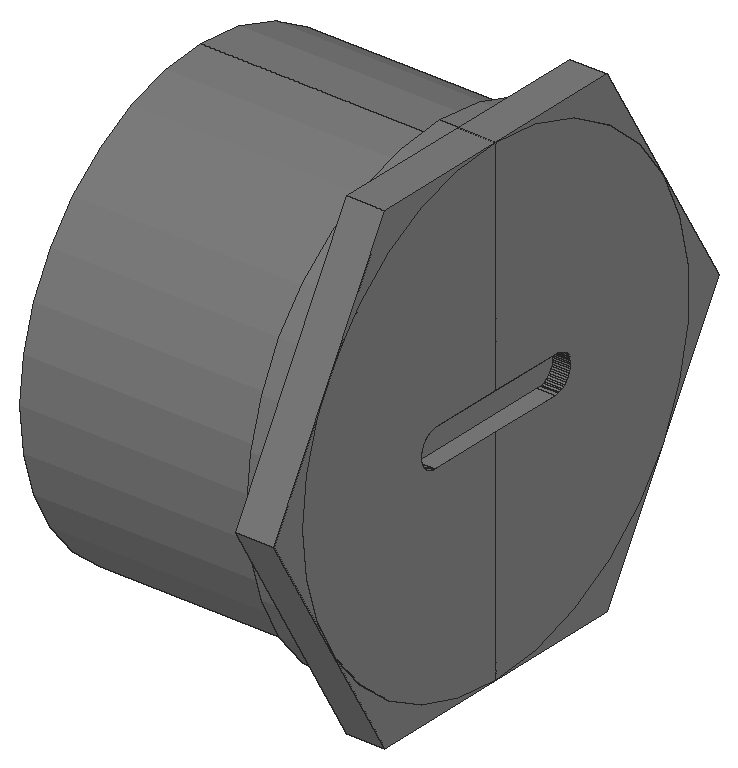
Revit family "Dirit_uPVC TienPhong Clean Out", category Pipe Fittings, Revit 2024
Family settings
  Round Connector Dimension = Use Diameter
  Part Type = Cap
  Work Plane-Based = No
  Always vertical = Yes
  Cut with Voids When Loaded = No
  Shared = No
Parameters (values of type "CO")
  uPVC = uPVC
  URL = ""
  Type Image = PVC Endcap.JPG
  Type Comments = "MEPF Modeling"
  Name Fitting = "uPVC_CleanOut"  # constant formula
  Mô tả = "Bịt xả thông tắc uPVC"
  Lookup Table = "uPVC_Cleanout_TienPhong"
  ENG_od [instance] = ENG_OD / 2  # 60.10 mm
  ENG_id [instance] = ENG_ID / 2  # 57.70 mm
  Website = ""
  ENG_Interial Boder [instance] = ENG_od + 1 mm  # 61.1 mm
  ENG_Exterial Boder [instance] = ENG_Interial Boder + 3 mm  # 64.1 mm
  Standard = "ISO 1452-2"
  ENG_OD [instance] = size_lookup(Lookup Table, "OD", ENG_DN, ENG_DN)  # 120.20 mm
  ENG_Endcap [instance] = ENG_DN + 10 mm  # 135 mm
  ENG_L [instance] = size_lookup(Lookup Table, "L", ENG_DN, ENG_DN)  # 68.5 mm
  ENG_ID [instance] = size_lookup(Lookup Table, "ID", ENG_DN, ENG_DN)  # 115.40 mm
  Model = "Pipe Fitting"
  Manufacturer = ""
  Fanpage = ""
  Email = ""
  ENG_DN [instance] = 125.00 mm
  Design By = ""
  Default Elevation = 0 mm
  Address = ""
Reference planes
  plane 1 "Center (Front/Back)": y = 0
  plane 2: z = 0
  plane 3 "Center (Left/Right)": x = 0
  plane 4: x = -79.575
  plane 5: x = 79.575
  plane 6: through (4267.2, -19.63, 34) normal (0, 0.866, 0.5)
  plane 7: through (4267.2, 19.63, 34) normal (0, 0.866, -0.5)
  plane 8: z = 64.1
  plane 9: z = -64.1
  plane 10: through (4267.2, -65.327, -15.05) normal (0, 0.866, 0.5)
  plane 11: through (4267.2, -45.697, 49.05) normal (0, 0.866, -0.5)
  plane 12: through (4267.2, 45.697, 49.05) normal (0, 0.866, 0.5)
  plane 13: through (4267.2, 45.697, -49.05) normal (0, -0.866, 0.5)
Forms (mm)
  Revolve 1, solid, material "uPVC" <- "uPVC"
    sketch origin (-31, 0, 0) x (0, 0, -1) y (1, 0, 0)
      loop
        line (-60.1, -32.5) -> (-57.7, -32.5) -> (-57.7, 36) -> (0, 36) -> (0, 46) -> (-64.1, 46) -> (-64.1, 31) -> (-61.1, 31) -> (-61.1, 36) -> (-60.1, 36) -> (-60.1, -32.5)
      axis (0, 46) -> (0, -32.5)
    angle from 0 to 360
  Extrusion 2, solid, material "uPVC" <- "uPVC"
    sketch origin (-31, 0, 0) x (0, 0, -1) y (0, 1, 0)
      loop
        line (64.1, 37.008) -> (0, 74.016) -> (-64.1, 37.008) -> (-64.1, -37.008) -> (0, -74.016) -> (64.1, -37.008) -> (64.1, 37.008)
    from 36 to 46
  Extrusion 3, void
    sketch origin (-31, 0, 0) x (0, 0, -1) y (0, 1, 0)
      loop
        arc (5, 20) -> (0, 25) -> (-5, 20) r 5
        line (-5, 20) -> (-5, -20)
        arc (-5, -20) -> (0, -25) -> (5, -20) r 5
        line (5, -20) -> (5, 20)
    from 41 to 46
Cuts and joins
  Extrusion 3 cuts Revolve 1
  Extrusion 3 cuts Extrusion 2
Lines and regions (mm)
  reference lines
    curve 1: line (0, 0, 0) -> (15, 0, 0)
Dimensions and locks
  equal spacing: plane 5, plane 3 "Center (Left/Right)", plane 4
  "ENG_id": Revolve 1 sketch curve to plane 2
  "ENG_od": Revolve 1 sketch curve to plane 2
  "ENG_Exterial Boder": Revolve 1 sketch curve to plane 2
  "ENG_Interial Boder": Revolve 1 sketch curve to plane 2
  locked: cut or joined group of Extrusion 2, Extrusion 3 to Revolve 1 sketch curve at 15
  locked: Revolve 1 sketch curve to cut or joined group of Extrusion 2, Extrusion 3 at 10
  equal spacing: plane 8, plane 2, plane 9
  "ENG_Exterial Boder": plane 8 to plane 2
  equal spacing: plane 11, plane 7, plane 13
  "ENG_Exterial Boder": plane 7 to plane 11
  equal spacing: plane 12, plane 6, plane 10
  "ENG_Exterial Boder": plane 12 to plane 6
  "ENG_L": Revolve 1 sketch curve to Revolve 1 sketch curve
  aligned and locked: level to plane 2
  aligned and locked: Extrusion 2 sketch curve to plane 11
  aligned and locked: Extrusion 2 sketch curve to plane 10
  aligned and locked: Extrusion 2 sketch curve to plane 9
  aligned and locked: Extrusion 2 sketch curve to plane 13
  aligned and locked: plane 12 to Extrusion 2 sketch curve
  aligned and locked: plane 8 to Extrusion 2 sketch curve
  aligned and locked: plane 3 "Center (Left/Right)" to curve 1
  aligned and locked: cut or joined group of Extrusion 2, Extrusion 3 to curve 1
  aligned and locked: plane 1 "Center (Front/Back)" to curve 1
Automatic sketch dimensions
  Extrusion 3 sketch curve to level = 0 mm
  Extrusion 3 sketch curve to Extrusion 3 sketch curve = 5 mm
  plane 1 "Center (Front/Back)" to Extrusion 3 sketch curve = 20 mm
  Extrusion 3 sketch curve to plane 1 "Center (Front/Back)" = 20 mm
  plane 3 "Center (Left/Right)" to curve 1 = 15 mm
  Revolve 1 sketch curve to level = 0 mm  (x2)
  Revolve 1 sketch curve to Revolve 1 sketch curve = 0 mm
  Revolve 1 sketch curve to Revolve 1 sketch curve = 10 mm
  Revolve 1 sketch curve to plane 4 = 317.47 mm
  plane 5 to Revolve 1 sketch curve = 2053.74 mm
Connectors
  piping at (0, 0, 0), diameter 125, driven by "ENG_DN"
    settings: on curve 1, index 1, connector inside diameter 609.6 mm, connector length 0 mm, flow factor 0, pipe flow 0.0 L/s, pressure drop 0.0 Pa, fitting loss kfactor 0, connector angle 0.00°, fixture units 0, engagement length 0 mm, angle of deflection 0.00°, flow configuration 0, flow direction 0, fitting loss method 0, system type 28, joint type 0, gender type 0, connector reference index -1, connector utility 0, adjustable connector no, is connector primary yes, connector description ""
